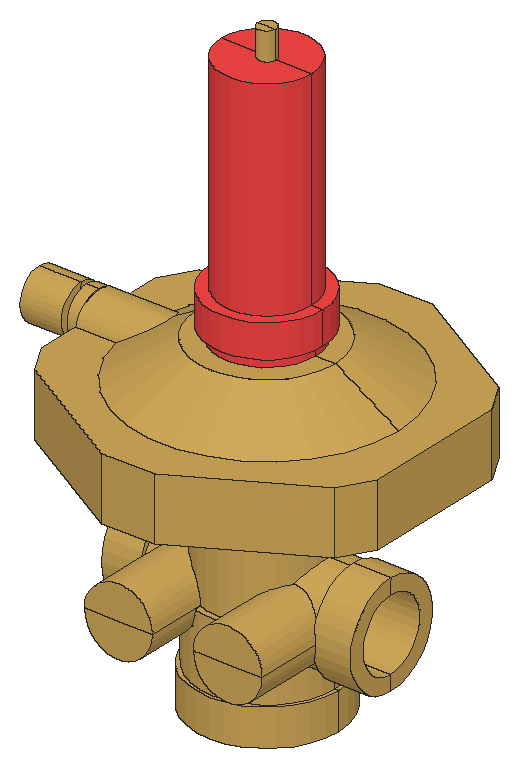
Revit family "Differenzdruckregler 4202 25-60kPa", category Rohrzubehör, Revit 2018
Family settings
  Bemaßung runder Anschluss = Durchmesser verwenden
  Teiletyp = Unterbricht
  OmniClass-Nummer = 23.65.55.14
  OmniClass-Titel = Valves for Liquid Services
  Arbeitsebenenbasiert = Nein
  Immer vertikal = Ja
  Beim Laden mit Abzugskörper schneiden = Nein
  Gemeinsam genutzt = Nein
Parameters (values of type "Ohne Dämmung")
  y2 [instance] = K14 + K9 + H01  # 49.149 mm
  y1 [instance] = (R03 * 2) + R05  # 66.000 mm
  PN = 25  # constant formula
  Min. Betriebstemperatur (Frostschutz) = -20 °C  # constant formula
  Max. zulässige Betriebstemperatur bis DN32 = 130 °C  # constant formula
  Max. zulässige Betriebstemperatur DN40 - DN50 = 110 °C  # constant formula
  Max. Differenzdruck am Gehäuse = 400000.0 Pa  # constant formula
  Max. Betriebsdruck = 2500000.0 Pa  # constant formula
  Ventilschaft = "Edelstahl 14301"  # constant formula
  URL = "www.herz-armaturen.at"
  SCRNSEQ = "ARM;ARM_TYP=\"DIFR\";2"
  SCRNCODE = "05;03;4"  # constant formula
  S06 [instance] = 1.000 mm  # constant formula
  S05 [instance] = S01 - 1.000 mm  # 16.250 mm
  S04 [instance] = S02 - 1.000 mm  # 18.000 mm
  S03 [instance] = size_lookup("4202 25-60kPa", "S03", 26.500 mm, Nennweite)  # 25.600 mm
  S02 [instance] = size_lookup("4202 25-60kPa", "S02", 19.000 mm, Nennweite)  # 19.000 mm
  S01 [instance] = size_lookup("4202 25-60kPa", "S01", 17.250 mm, Nennweite)  # 17.250 mm
  Regleranschlussmutter = "Messing CW614N"  # constant formula
  Regelbereich = "25 - 60kPa"  # constant formula
  R06 [instance] = size_lookup("4202 25-60kPa", "R06", 14.500 mm, Nennweite)  # 14.500 mm
  R05 [instance] = size_lookup("4202 25-60kPa", "R05", 46.000 mm, Nennweite)  # 46.000 mm
  R04 [instance] = size_lookup("4202 25-60kPa", "R04", 12.500 mm, Nennweite)  # 12.500 mm
  R03 [instance] = size_lookup("4202 25-60kPa", "R03", 10.000 mm, Nennweite)  # 10.000 mm
  R02 = 14.500 mm  # constant formula
  R01 [instance] = size_lookup("4202 25-60kPa", "R01", 12.500 mm, Nennweite)  # 12.500 mm
  Min. Betriebstemperatur (reines Wasser) = 2 °C  # constant formula
  O-Ringe = "EPDM"  # constant formula
  Nennweite [instance] = 15.000 mm
  Membrangehäuse = "Messing CW602N"  # constant formula
  Membrane = "EPDM"  # constant formula
  Medium = "Wasserbeschaffenheit nach ÖNORM H 5195 und VDI 2035\r\nDie Verwendung von Ethylen- und Propylenglykol ist im\r\nMischungsverhältnis 25 - 50 Vol.-% zulässig."
  L2 [instance] = size_lookup("4202 25-60kPa", "L2", 161.000 mm, Nennweite)  # 161.000 mm
  L [instance] = size_lookup("4202 25-60kPa", "L", 66.000 mm, Nennweite)  # 66.000 mm
  K9 = 4.000 mm  # constant formula
  K8 = 55.000 mm  # constant formula
  K7 = 8.700 mm  # constant formula
  K6 = 11.700 mm  # constant formula
  K5 = 13.000 mm  # constant formula
  K4 = 12.000 mm  # constant formula
  K3 = 15.000 mm  # constant formula
  K2 = 2.350 mm  # constant formula
  K18 = 89.000 mm  # constant formula
  K17 = 66.700 mm  # constant formula
  K16 = 3.000 mm  # constant formula
  K15 = 26.649 mm  # constant formula
  K14 = 16.649 mm  # constant formula
  K13 = 16.649 mm  # constant formula
  K12 = 10.000 mm  # constant formula
  K11 = 35.000 mm  # constant formula
  K10 = 18.250 mm  # constant formula
  K1.1 = 2.350 mm  # constant formula
  K1 = 7.651 mm  # constant formula
  J9 = 15.700 mm  # constant formula
  J8 = 7.850 mm  # constant formula
  J7 = 15.897 mm  # constant formula
  J6 = 3.900 mm  # constant formula
  J5 = 6.500 mm  # constant formula
  J4 = 1.500 mm  # constant formula
  J3 = 3.200 mm  # constant formula
  J2 = 11.000 mm  # constant formula
  J11 = 3.500 mm  # constant formula
  J10 = 18.897 mm  # constant formula
  J1 = 6.500 mm  # constant formula
  Hersteller = "HERZ-Armaturen Ges.m.b.H"  # constant formula
  H2 [instance] = size_lookup("4202 25-60kPa", "H2", 28.000 mm, Nennweite)  # 28.000 mm
  H1 [instance] = K1 + K2 + K3 + K4 + K5 + K7 + K8 + K16 + 16.650 mm  # 133.351 mm
  H04 = 4.000 mm  # constant formula
  H03 = 9.800 mm  # constant formula
  H02 [instance] = size_lookup("4202 25-60kPa", "H02", 53.000 mm, Nennweite)  # 53.000 mm
  H01 [instance] = size_lookup("4202 25-60kPa", "H01", 25.000 mm, Nennweite)  # 28.500 mm
  Gehäuse = "DZR Messing CC770S"  # constant formula
  G03 [instance] = size_lookup("4202 25-60kPa", "G03", 13.200 mm, Nennweite)  # 13.200 mm
  G02 [instance] = size_lookup("4202 25-60kPa", "G02", 9.500 mm, Nennweite)  # 9.500 mm
  G01 [instance] = size_lookup("4202 25-60kPa", "G01", 13.500 mm, Nennweite)  # 13.500 mm
  Einstellspindel = "Messing CW614N"  # constant formula
  Hinweise zum Material = "Gemäß Art 33 der REACH-Verordnung (EG Nr. 1907/2006) sind wir verpflichtet, darauf hinzuweisen,\r\ndass der Stoff Blei auf der SVHC-Liste geführt wird und dass alle aus Messing bestehenden Bauteile,\r\ndie in unseren Erzeugnissen verarbeitet sind, mehr als 0,1 % (w/w) Blei (CAS: 7439-92-1 / EINECS:\r\n231-100-4) enthalten. Da Blei als Legierungsbestandteil fest gebunden ist, sind keine Expositionen zu\r\nerwarten und daher sind keine zusätzlichen Angaben zur sicheren Verwendung notwendig.\r\n\r\nIm Hanf enthaltenes Ammoniak schädigt\r\nMessingventilgehäuse, EPDM Dichtungen werden durch\r\nMineralöle bzw. mineralölhaltige Schmierstoffe aufgequollen\r\nund führen somit zum Ausfall der EPDM-Dichtungen. Für\r\nFrost- und Korrosionsschutzmittel auf der Basis von Ethylen- und Propylenglykol sind die entsprechenden\r\nAngaben den Unterlagen des Herstellers zu entnehmen."
  Dämmung = no
  Dämmschale = "EPP (expandiertes Polypropylen)"  # constant formula
  Druckfeder = "Federstahl 14310 NS"  # constant formula
  DN50 [instance] = Nennweite = 50.000 mm  # no
  DN40 [instance] = Nennweite = 40.000 mm  # no
  DN32-40 [instance] = or(Nennweite = 32.000 mm, Nennweite = 40.000 mm)  # no
  DN32 [instance] = Nennweite = 32.000 mm  # no
  DN25,32,40 [instance] = or(Nennweite = 25.000 mm, Nennweite = 32.000 mm, Nennweite = 40.000 mm)  # no
  DN25 [instance] = Nennweite = 25.000 mm  # no
  DN20 [instance] = Nennweite = 20.000 mm  # no
  DN15-25 [instance] = or(Nennweite = 15.000 mm, Nennweite = 20.000 mm, Nennweite = 25.000 mm)  # yes
  DN15,20,50 [instance] = or(Nennweite = 15.000 mm, Nennweite = 20.000 mm, Nennweite = 50.000 mm)  # yes
  DN15 [instance] = Nennweite = 15.000 mm  # yes
  D07 [instance] = if(Nennweite = 15.000 mm, 32.500 mm, if(Nennweite = 20.000 mm, 33.500 mm, if(Nennweite = 25.000 mm, 33.500 mm, if(Nennweite = 32.000 mm, 49.500 mm, if(Nennweite = 40.000 mm, 59.500 mm, if(Nennweite = 50.000 mm, 59.500 mm, 0.000 mm))))))  # 32.500 mm
  D06 [instance] = if(Nennweite = 15.000 mm, 32.500 mm, if(Nennweite = 20.000 mm, 33.500 mm, if(Nennweite = 25.000 mm, 33.500 mm, if(Nennweite = 32.000 mm, 49.500 mm, if(Nennweite = 40.000 mm, 59.500 mm, if(Nennweite = 50.000 mm, 59.500 mm, 0.000 mm))))))  # 32.500 mm
  D05 [instance] = if(Nennweite = 15.000 mm, 36.750 mm, if(Nennweite = 20.000 mm, 40.700 mm, if(Nennweite = 25.000 mm, 49.200 mm, if(Nennweite = 32.000 mm, 54.150 mm, if(Nennweite = 40.000 mm, 60.750 mm, if(Nennweite = 50.000 mm, 72.700 mm, 0.000 mm))))))  # 36.750 mm
  D04 [instance] = if(Nennweite = 15.000 mm, 78.500 mm, if(Nennweite = 20.000 mm, 82.000 mm, if(Nennweite = 25.000 mm, 84.000 mm, if(Nennweite = 32.000 mm, 120.000 mm, if(Nennweite = 40.000 mm, 130.000 mm, if(Nennweite = 50.000 mm, 130.500 mm, 0.000 mm))))))  # 78.500 mm
  D03 [instance] = if(Nennweite = 15.000 mm, 96.000 mm, if(Nennweite = 20.000 mm, 110.000 mm, if(Nennweite = 25.000 mm, 112.000 mm, if(Nennweite = 32.000 mm, 152.000 mm, if(Nennweite = 40.000 mm, 170.000 mm, if(Nennweite = 50.000 mm, 179.000 mm, 0.000 mm))))))  # 96.000 mm
  D02 [instance] = size_lookup("4202 25-60kPa", "R05", 41.000 mm, Nennweite)  # 46.000 mm
  D01 [instance] = size_lookup("4202 25-60kPa", "G01", 13.220 mm, Nennweite)  # 13.500 mm
  Bestellnummer Dämmung [instance] = if(and(Dämmung, Nennweite = 15.000 mm), 1409611, if(and(Dämmung, Nennweite = 20.000 mm), 1409612, if(and(Dämmung, Nennweite = 25.000 mm), 1409613, if(and(Dämmung, Nennweite = 32.000 mm), 1409614, if(and(Dämmung, Nennweite = 40.000 mm), 1409615, if(and(Dämmung, Nennweite = 50.000 mm), 1409616, 0))))))  # 0
  Bestellnummer [instance] = if(Nennweite = 15.000 mm, 1420261, if(Nennweite = 20.000 mm, 1420262, if(Nennweite = 25.000 mm, 1420263, if(Nennweite = 32.000 mm, 1420264, if(Nennweite = 40.000 mm, 1420265, if(Nennweite = 50.000 mm, 1420266, 0))))))  # 1420261
  B2 [instance] = size_lookup("4202 25-60kPa", "B2", 31.000 mm, Nennweite)  # 31.000 mm
  B1 [instance] = size_lookup("4202 25-60kPa", "B1", 26.000 mm, Nennweite)  # 26.000 mm
  B04 = 100.649 mm  # constant formula
  B03 = 44.500 mm  # constant formula
  B02 = 104.688 mm  # constant formula
  B01 = 10.000 mm  # constant formula
  Anzeigehülse = "Kunststoff (Rot)"  # constant formula
  Anwendungsgebiet = "Der Differenzdruckregler ist ein Regler mit linearer Kennlinie in Geradsitzausführung und arbeitet ohne\r\nHilfsenergie. Der gewünschte Differenzdruck-Sollwert kann zwischen 5 und 30 kPa; 25 und 60 kPa bzw.\r\n45 und 80 kPa stufenlos eingestellt werden. Der eingestellte Wert ist mit Hilfe des Einstelldiagrammes\r\nablesbar. Werksseitig ist der Sollwert auf Minimum eingestellt. Der erforderliche Sollwert wird mit dem\r\nEinstellwerkzeug (1 4006 02) eingestellt. Im Lieferumfang enthalten ist die Impulsleitung (1000 mm),\r\ndiese ist im Vorlauf einzubinden."
  Anschlussnippel = "Messing CW602N"  # constant formula
Types (2, lengths in mm): name | Dämmung | Bestellnummer Dämmung
  Ohne Dämmung | no | 0
  Mit Dämmung | yes | 1409611
Reference planes
  plane 1 "Mitte (Vorne/hinten)": y = 0
  plane 2: z = 0
  plane 3 "Mitte (Links/rechts)": x = 0
Forms (mm)
  Revolve 1, solid, material "Messing, weicher Gelbton, geschweißt", detail levels fine
    sketch origin (0, 0, 0) x (1, 0, 0) y (0, 0, 1)
      loop
        line (-19.8, 0) -> (19.8, 0) -> (19.8, 9.5) -> (33, 9.5) -> (33, 13.5) -> (23, 13.5) -> (23, 12.5) -> (-23, 12.5) -> (-23, 13.5) -> (-33, 13.5) -> (-33, 9.5) -> (-19.8, 9.5) -> (-19.8, 0)
      axis (-33, 0) -> (33, 0)
    angle from 0 to 360
  Revolve 2, solid, material "Messing, weicher Gelbton, geschweißt", detail levels fine
    sketch origin (0, 0, 0) x (1, 0, 0) y (0, 0, 1)
      loop
        line (0, -28) -> (0, 0) -> (-18, 0) -> (-18, -18.2) -> (-19, -18.2) -> (-19, -28) -> (0, -28)
      axis (0, 0) -> (0, -28)
    angle from 0 to 360
  Extrusion 3, solid, material "Messing, weicher Gelbton, geschweißt", detail levels fine
    sketch origin (0, 0, 0) x (0, -1, 0) y (1, 0, 0)
      loop
        line (-46, -7.038) -> (-27.114, -39.75) -> (-18.886, -44.5) -> (18.886, -44.5) -> (27.114, -39.75) -> (46, -7.038) -> (46, 7.038) -> (27.114, 39.75) -> (18.886, 44.5) -> (-18.886, 44.5) -> (-27.114, 39.75) -> (-46, 7.038) -> (-46, -7.038)
    from 32.5 to 49.149
  Revolve 4, solid, material "Messing, weicher Gelbton, geschweißt", detail levels fine
    sketch origin (0, 0, -7.051) x (1, 0, 0) y (0, 0, 1)
      loop
        line (0, 56.2) -> (0, 66.2) -> (-18.25, 66.2) -> (-35, 56.2) -> (0, 56.2)
      axis (0, 66.2) -> (0, 56.2)
    angle from 0 to 360
  Revolve 5, solid, material "Messing, weicher Gelbton, geschweißt", visible <- "DN15-25", detail levels fine
    sketch origin (-11, 0, 0) x (1, 0, 0) y (0, 1, 0)
      loop
        line (-1.5, 26) -> (-9.2, 26) -> (-9.2, 0) -> (-1.5, 0) -> (-1.5, 26)
      axis (-1.5, 0) -> (-1.5, 26)
    angle from 0 to 360
  Revolve 6, solid, material "Messing, weicher Gelbton, geschweißt", visible <- "DN15,20,50", detail levels fine
    sketch origin (-0.988, 0, -6.853) x (-1, 0, 0) y (0, 0, 1)
      loop
        line (43.5, 55.25) -> (59.2, 55.25) -> (59.2, 61.75) -> (48.2, 61.75) -> (48.2, 59.15) -> (46.7, 59.15) -> (46.7, 61.75) -> (43.5, 61.75) -> (43.5, 55.25)
      axis (43.5, 55.25) -> (59.2, 55.25)
    angle from 0 to 360
  Extrusion 7, solid, material "Messing, weicher Gelbton, geschweißt", visible <- "DN15,20,50", detail levels fine
    sketch origin (0, 0, 0) x (0, 1, 0) y (0, 0, -1)
      loop
        line (7.85, -47.047) -> (7.85, -36) -> (-7.85, -36) -> (-7.85, -47.047)
        arc (-7.85, -47.047) -> (0, -54.897) -> (7.85, -47.047) r 7.85
    from 0 to 44.5
  Revolve 8, solid, material "Kunsstoff rot", detail levels fine
    sketch origin (0, 0, 0) x (1, 0, 0) y (0, 0, 1)
      loop
        line (-12, 125.849) -> (-12, 70.849) -> (-15, 70.849) -> (-15, 62.149) -> (-13, 62.149) -> (-13, 59.149) -> (0, 59.149) -> (0, 125.849) -> (-12, 125.849)
      axis (0, 125.849) -> (0, 59.149)
    angle from 0 to 360
  Revolve 9, solid, material "Messing, weicher Gelbton, geschweißt", visible <- "DN15-25", detail levels fine
    sketch origin (-2, 0, 0) x (1, 0, 0) y (0, 1, 0)
      loop
        line (-12.5, 0) -> (-21.5, 0) -> (-21.5, -31) -> (-12.5, -31) -> (-12.5, 0)
      axis (-12.5, 0) -> (-12.5, -31)
    angle from 0 to 360
  Revolve 10, solid, material "Messing, weicher Gelbton, geschweißt", visible <- "DN15-25", detail levels fine
    sketch origin (2, 0, 0) x (1, 0, 0) y (0, 1, 0)
      loop
        line (12.5, 0) -> (12.5, -31) -> (21.6, -31) -> (21.6, 0) -> (12.5, 0)
      axis (12.5, 0) -> (12.5, -31)
    angle from 0 to 360
  Extrusion 11, solid, material "Messing, weicher Gelbton, geschweißt", visible <- "DN32", detail levels fine
    sketch origin (-31.5, 0, 0) x (1, 0, 0) y (0, 1, 0)
      loop
        circle (63, 0) r 6.578
      loop
        circle (63, 0) r 3.28
    from -47 to 0
  Extrusion 12, solid, material "Messing, weicher Gelbton, geschweißt", visible <- "DN32", detail levels fine
    sketch origin (31.5, 0, 0) x (-1, 0, 0) y (0, -1, 0)
      loop
        circle (63, 0) r 6.578
      loop
        circle (63, 0) r 3.28
    from -47 to 0
  Revolve 13, solid, material "Messing, weicher Gelbton, geschweißt", detail levels fine
    sketch origin (0, 0, 0) x (1, 0, 0) y (0, 0, 1)
      loop
        line (-16.25, 0) -> (0, 0) -> (0, 32.5) -> (-12.25, 32.5) -> (-12.25, 28.5) -> (-17.25, 28.5) -> (-17.25, 18.7) -> (-16.25, 18.7) -> (-16.25, 0)
      axis (0, 32.5) -> (0, 0)
    angle from 0 to 360
  Extrusion 14, solid, material "Messing, weicher Gelbton, geschweißt", visible <- "DN40", detail levels fine
    sketch origin (29.382, 0, 0) x (-1, 0, 0) y (0, -1, 0)
      loop
        circle (63, 0) r 6.578
      loop
        circle (63, 0) r 3.28
    from -58 to 0
  Extrusion 15, solid, material "Messing, weicher Gelbton, geschweißt", visible <- "DN40", detail levels fine
    sketch origin (-29.455, 0, 0) x (1, 0, 0) y (0, 1, 0)
      loop
        circle (63, 0) r 6.578
      loop
        circle (63, 0) r 3.28
    from -58 to 0
  Extrusion 16, solid, material "Messing, weicher Gelbton, geschweißt", visible <- "DN50", detail levels fine
    sketch origin (28.422, 0, 0) x (-1, 0, 0) y (0, -1, 0)
      loop
        circle (63, 0) r 6.578
      loop
        circle (63, 0) r 3.28
    from -58 to 0
  Extrusion 17, solid, material "Messing, weicher Gelbton, geschweißt", visible <- "DN50", detail levels fine
    sketch origin (-28.422, 0, 0) x (1, 0, 0) y (0, 1, 0)
      loop
        circle (63, 0) r 6.578
      loop
        circle (63, 0) r 3.28
    from -58 to 0
  Revolve 18, solid, material "Messing, weicher Gelbton, geschweißt", detail levels fine
    sketch origin (0, 0, 0) x (1, 0, 0) y (0, 0, 1)
      loop
        line (-2.35, 125.349) -> (0, 125.349) -> (0, 133) -> (-2.35, 133) -> (-2.35, 125.349)
      axis (0, 133) -> (0, 125.349)
    angle from 0 to 360
  Revolve 19, solid, material "Messing, weicher Gelbton, geschweißt", visible <- "DN32-40", detail levels fine
    sketch origin (-11, 0, 0) x (1, 0, 0) y (0, 1, 0)
      loop
        line (-1.5, -26) -> (-1.5, 0) -> (-9.2, 0) -> (-9.2, -26) -> (-1.5, -26)
      axis (-1.5, 0) -> (-1.5, -26)
    angle from 0 to 360
  Revolve 20, solid, material "Messing, weicher Gelbton, geschweißt", visible <- "DN25,32,40", detail levels fine
    sketch origin (0.988, 0, 20.147) x (1, 0, 0) y (0, 0, 1)
      loop
        line (43.5, 28.25) -> (59.2, 28.25) -> (59.2, 34.75) -> (48.2, 34.75) -> (48.2, 32.15) -> (46.7, 32.15) -> (46.7, 34.75) -> (43.5, 34.75) -> (43.5, 28.25)
      axis (43.5, 28.25) -> (59.2, 28.25)
    angle from 0 to 360
  Extrusion 21, solid, material "Messing, weicher Gelbton, geschweißt", visible <- "DN25", detail levels fine
    sketch origin (0, 0, 0) x (0, 1, 0) y (0, 0, 1)
      loop
        arc (7.85, 48.047) -> (0, 55.897) -> (-7.85, 48.047) r 7.85
        line (-7.85, 48.047) -> (-7.85, 37) -> (7.85, 37) -> (7.85, 48.047)
    from 0 to 44.5
  Extrusion 22, solid, material "Messing, weicher Gelbton, geschweißt", visible <- "DN32", detail levels fine
    sketch origin (0, 0, 0) x (0, 1, 0) y (0, 0, 1)
      loop
        arc (7.85, 64.047) -> (0, 71.897) -> (-7.85, 64.047) r 7.85
        line (-7.85, 64.047) -> (-7.85, 53) -> (7.85, 53) -> (7.85, 64.047)
    from 0 to 44.5
  Extrusion 23, solid, material "Messing, weicher Gelbton, geschweißt", visible <- "DN40", detail levels fine
    sketch origin (0, 0, 0) x (0, 1, 0) y (0, 0, 1)
      loop
        arc (7.85, 74.047) -> (0, 81.897) -> (-7.85, 74.047) r 7.85
        line (-7.85, 74.047) -> (-7.85, 63) -> (7.85, 63) -> (7.85, 74.047)
    from 0 to 44.5
  Revolve 24, solid, material "Kunststoff-Anthrazig/Schwarz", visible <- "Dämmung"
    sketch origin (0, 0, 0) x (1, 0, 0) y (0, 0, 1)
      loop
        line (0, -46) -> (36.75, -46) -> (36.75, 32.5) -> (0, 32.5) -> (0, -46)
      axis (0, 32.5) -> (0, -46)
    angle from 0 to 360
  Revolve 25, solid, material "Kunststoff-Anthrazig/Schwarz", visible <- "Dämmung"
    sketch origin (0, 0, 0) x (1, 0, 0) y (0, 0, 1)
      loop
        line (48, 32.5) -> (-48, 32.5) -> (-48, 13.5) -> (-23, 13.5) -> (-23, 0) -> (0, 0) -> (23, 0) -> (23, 13.5) -> (48, 13.5) -> (48, 32.5)
      axis (-48, 0) -> (48, 0)
    angle from 0 to 360
Lines and regions (mm)
  model lines, detail levels coarse+medium
    curve 1: line (33, -13.5, 0) -> (33, 13.5, 0)
    curve 2: line (33, 13.5, 0) -> (-33, -13.5, 0)
    curve 3: line (-33, -13.5, 0) -> (-33, 13.5, 0)
    curve 4: line (-33, 13.5, 0) -> (33, -13.5, 0)
    curve 5: spline (-44.5, -40.824, 0) -> (-42.984, -38.67, 0) -> (-38.538, -36.662, 0) -> (-31.466, -34.938, 0) -> (-22.25, -33.615, 0) -> (-11.517, -32.784, 0) -> (0, -32.5, 0) -> (11.517, -32.784, 0) -> (22.25, -33.615, 0) -> (31.466, -34.938, 0) -> (38.538, -36.662, 0) -> (42.984, -38.67, 0) -> (44.5, -40.825, 0) -> (42.984, -42.979, 0) -> (38.538, -44.987, 0) -> (31.466, -46.711, 0) -> (22.25, -48.034, 0) -> (11.517, -48.865, 0) -> (0, -49.149, 0) -> (-11.517, -48.865, 0) -> (-22.25, -48.034, 0) -> (-31.466, -46.711, 0) -> (-38.538, -44.987, 0) -> (-42.984, -42.979, 0) -> (-44.5, -40.824, 0)
    curve 6: line (-33, 0, 13.5) -> (-33, 0, -13.5)
    curve 7: line (-33, 0, -13.5) -> (33, 0, 13.5)
    curve 8: line (33, 0, 13.5) -> (33, 0, -13.5)
    curve 9: line (33, 0, -13.5) -> (-33, 0, 13.5)
    curve 10: line (0, 0, 13.5) -> (0, 0, 32.5)
    curve 11: spline (-44.5, 0, 40.825) -> (-42.984, 0, 42.979) -> (-38.538, 0, 44.987) -> (-31.466, 0, 46.711) -> (-22.25, 0, 48.034) -> (-11.517, 0, 48.865) -> (0, 0, 49.149) -> (11.517, 0, 48.865) -> (22.25, 0, 48.034) -> (31.466, 0, 46.711) -> (38.538, 0, 44.987) -> (42.984, 0, 42.979) -> (44.5, 0, 40.824) -> (42.984, 0, 38.67) -> (38.538, 0, 36.662) -> (31.466, 0, 34.938) -> (22.25, 0, 33.615) -> (11.517, 0, 32.784) -> (0, 0, 32.5) -> (-11.517, 0, 32.784) -> (-22.25, 0, 33.615) -> (-31.466, 0, 34.938) -> (-38.538, 0, 36.662) -> (-42.984, 0, 38.67) -> (-44.5, 0, 40.825)
    curve 12: line (0, 0, 13.5) -> (16.5, 0, 6.75)
    curve 13: line (0, 0, 13.5) -> (-16.5, 0, 6.75)
    curve 14: line (33, 0, 0) -> (63, 0, 0)
    curve 15: line (-33, 0, 0) -> (-63, 0, 0)
    curve 16: line (0, -19, 0) -> (-16.5, -6.75, 0)
    curve 17: line (0, -19, 0) -> (16.5, -6.75, 0)
  model lines
    curve 18: line (0, -19, 0) -> (0, -32.5, 0)
Dimensions and locks
  "G01": Revolve 1 sketch curve to Revolve 1 sketch curve  (x2)
  "R01": Revolve 1 sketch curve to Revolve 1 sketch curve
  "R03": Revolve 1 sketch curve to Revolve 1 sketch curve  (x2)
  "K10": Revolve 4 sketch curve to Revolve 4 sketch curve
  "K11": Revolve 4 sketch curve to Revolve 4 sketch curve
  "B1": Revolve 5 sketch curve to Revolve 5 sketch curve
  "J1": Revolve 6 sketch curve to Revolve 6 sketch curve
  "J3": Revolve 6 sketch curve to Revolve 6 sketch curve
  "J4": Revolve 6 sketch curve to Revolve 6 sketch curve
  "J2": Revolve 6 sketch curve to Revolve 6 sketch curve
  "J5": Revolve 6 sketch curve to Revolve 6 sketch curve
  "J6": Revolve 6 sketch curve to Revolve 6 sketch curve
  "H2": plane 2 to Revolve 2 sketch curve
  "H03": Revolve 2 sketch curve to Revolve 2 sketch curve
  "S02": plane 3 "Mitte (Links/rechts)" to Revolve 2 sketch curve
  "B02": Revolve 6 to Extrusion 3
  "B03": Extrusion 3 to plane 3 "Mitte (Links/rechts)"
  "R04": Revolve 5 sketch curve to plane 3 "Mitte (Links/rechts)"
  "K4": Revolve 8 sketch curve to Revolve 8 sketch curve
  "K3": Revolve 8 sketch curve to Revolve 8 sketch curve
  "K7": Revolve 8 sketch curve to Revolve 8 sketch curve
  "K5": Revolve 8 sketch curve to Revolve 8 sketch curve
  "K8": Revolve 8 sketch curve to Revolve 8 sketch curve
  "K12": Revolve 4 sketch curve to Revolve 4 sketch curve
  "K13": Revolve 4 sketch curve to Extrusion 3
  "K14": Extrusion 3 to Extrusion 3
  "K16": Revolve 8 sketch curve to Revolve 8 sketch curve
  "K15": Revolve 8 to Extrusion 3
  "R05": Revolve 1 sketch curve to Revolve 1 sketch curve
  equal spacing: Revolve 1 sketch curve, plane 3 "Mitte (Links/rechts)", Revolve 1 sketch curve
  "B2": plane 1 "Mitte (Vorne/hinten)" to Revolve 9 sketch curve
  "B2": Revolve 10 sketch curve to plane 1 "Mitte (Vorne/hinten)"
  "R06": Revolve 9 sketch curve to plane 3 "Mitte (Links/rechts)"
  "R06": plane 3 "Mitte (Links/rechts)" to Revolve 10 sketch curve
  "S01": Revolve 13 sketch curve to plane 3 "Mitte (Links/rechts)"
  "S05": plane 3 "Mitte (Links/rechts)" to Revolve 13 sketch curve
  "H04": Revolve 13 sketch curve to Revolve 13 sketch curve
  "H03": Revolve 13 sketch curve to Revolve 13 sketch curve
  "H01": Revolve 13 sketch curve to plane 2
  "K9": Extrusion 3 to Revolve 13
  "S06": Revolve 2 sketch curve to Revolve 2 sketch curve
  "J7": Revolve 6 sketch curve to Extrusion 3
  "J9": Extrusion 7 sketch curve to Extrusion 7 sketch curve
  "J10": Revolve 6 to Extrusion 7 sketch curve
  "J11": Extrusion 7 sketch curve to Extrusion 3
  equal spacing: curve 6, curve 5, curve 8
  "K18": Extrusion 3 to Extrusion 3
  "G01": curve 9 to plane 2
  "G01": plane 2 to curve 7
  "G01": curve 8 to plane 2
  "G01": plane 2 to curve 9
  "K18": curve 11 to curve 11
  "G01": curve 13 to plane 2
  "K14": curve 11 to curve 11
  "y2": curve 11 to plane 2
  "G01": plane 1 "Mitte (Vorne/hinten)" to curve 4
  "G01": curve 3 to plane 1 "Mitte (Vorne/hinten)"
  equal spacing: curve 3, curve 11, curve 1
  equal spacing: curve 3, curve 17, curve 1
  "y1": curve 3 to curve 1
  "G01": plane 1 "Mitte (Vorne/hinten)" to curve 2
  "G01": curve 4 to plane 1 "Mitte (Vorne/hinten)"
  "K18": curve 5 to curve 5
  "K14": curve 5 to curve 5
  "y2": curve 5 to plane 1 "Mitte (Vorne/hinten)"
  "K1.1": plane 3 "Mitte (Links/rechts)" to Revolve 18 sketch curve
  "B1": Revolve 19 sketch curve to Revolve 19 sketch curve
  "R04": Revolve 19 sketch curve to plane 3 "Mitte (Links/rechts)"
  "G02": Revolve 1 sketch curve to plane 2  (x2)
  "G03": Revolve 1 sketch curve to Revolve 1 sketch curve  (x2)
  Revolve 1 sketch curve to Revolve 1 sketch curve = 66.000 mm
  Revolve 1 to Revolve 1 = 66.000 mm
  "L2": Revolve 18 to Revolve 2
  "J1": Revolve 20 sketch curve to Revolve 20 sketch curve
  "J3": Revolve 20 sketch curve to Revolve 20 sketch curve
  "J4": Revolve 20 sketch curve to Revolve 20 sketch curve
  "J2": Revolve 20 sketch curve to Revolve 20 sketch curve
  "J5": Revolve 20 sketch curve to Revolve 20 sketch curve
  "J6": Revolve 20 sketch curve to Revolve 20 sketch curve
  "J7": Revolve 20 sketch curve to Extrusion 3
  "J9": Extrusion 21 sketch curve to Extrusion 21 sketch curve
  "J9": Extrusion 22 sketch curve to Extrusion 22 sketch curve
  "J9": Extrusion 23 sketch curve to Extrusion 23 sketch curve
  "L": curve 6 to curve 8
  equal spacing: Revolve 1, curve 13, plane 3 "Mitte (Links/rechts)"
  equal spacing: plane 3 "Mitte (Links/rechts)", curve 12, Revolve 1
  equal spacing: curve 3, curve 16, plane 3 "Mitte (Links/rechts)"
  equal spacing: plane 3 "Mitte (Links/rechts)", curve 17, curve 1
  "D04": Revolve 24 sketch curve to Revolve 24 sketch curve
  "D05": Revolve 24 sketch curve to Revolve 24 sketch curve
  "D06": Revolve 24 sketch curve to plane 2
  "D07": Revolve 25 sketch curve to plane 2
  "D01": Revolve 25 sketch curve to plane 2  (x2)
  "D03": Revolve 25 sketch curve to Revolve 25 sketch curve
  Revolve 25 sketch curve to Revolve 25 sketch curve = 46.000 mm
  "D02": Revolve 25 sketch curve to Revolve 25 sketch curve
  equal spacing: Revolve 25 sketch curve, plane 3 "Mitte (Links/rechts)", Revolve 25 sketch curve  (x2)
  "J8": radius of Extrusion 7 sketch curve
  "J8": radius of Extrusion 21 sketch curve
  "J8": radius of Extrusion 22 sketch curve
  "J8": radius of Extrusion 23 sketch curve
  aligned and locked: level to plane 2
Automatic sketch dimensions
  plane 3 "Mitte (Links/rechts)" to Extrusion 3 sketch curve = 7.038 mm  (x2)
  Extrusion 3 sketch curve to plane 1 "Mitte (Vorne/hinten)" = 46.000 mm
  Extrusion 3 sketch curve to plane 1 "Mitte (Vorne/hinten)" = 27.114 mm  (x2)
  Extrusion 3 sketch curve to Extrusion 3 sketch curve = 8.227 mm  (x4)
  plane 1 "Mitte (Vorne/hinten)" to Extrusion 3 sketch curve = 18.886 mm  (x2)
  Extrusion 3 sketch curve to Extrusion 3 sketch curve = 18.886 mm
  Extrusion 3 sketch curve to plane 3 "Mitte (Links/rechts)" = 7.038 mm  (x2)
  Extrusion 3 sketch curve to Extrusion 3 sketch curve = 32.712 mm  (x4)
  Extrusion 3 sketch curve to Extrusion 3 sketch curve = 4.750 mm  (x2)
  Extrusion 11 sketch curve to Extrusion 11 sketch curve = 0.000 mm  (x2)
  plane 1 "Mitte (Vorne/hinten)" to Extrusion 11 sketch curve = 0.000 mm
  plane 3 "Mitte (Links/rechts)" to Extrusion 11 sketch curve = 31.500 mm
  Extrusion 12 sketch curve to Extrusion 12 sketch curve = 0.000 mm  (x2)
  plane 1 "Mitte (Vorne/hinten)" to Extrusion 12 sketch curve = 0.000 mm
  plane 3 "Mitte (Links/rechts)" to Extrusion 12 sketch curve = 31.500 mm
  Extrusion 14 sketch curve to Extrusion 14 sketch curve = 0.000 mm  (x2)
  plane 1 "Mitte (Vorne/hinten)" to Extrusion 14 sketch curve = 0.000 mm
  plane 3 "Mitte (Links/rechts)" to Extrusion 14 sketch curve = 33.618 mm
  Extrusion 15 sketch curve to Extrusion 15 sketch curve = 0.000 mm  (x2)
  plane 1 "Mitte (Vorne/hinten)" to Extrusion 15 sketch curve = 0.000 mm
  plane 3 "Mitte (Links/rechts)" to Extrusion 15 sketch curve = 33.545 mm
  Extrusion 16 sketch curve to Extrusion 16 sketch curve = 0.000 mm  (x2)
  plane 1 "Mitte (Vorne/hinten)" to Extrusion 16 sketch curve = 0.000 mm
  plane 3 "Mitte (Links/rechts)" to Extrusion 16 sketch curve = 34.578 mm
  Extrusion 17 sketch curve to Extrusion 17 sketch curve = 0.000 mm  (x2)
  plane 1 "Mitte (Vorne/hinten)" to Extrusion 17 sketch curve = 0.000 mm
  plane 3 "Mitte (Links/rechts)" to Extrusion 17 sketch curve = 34.578 mm
  curve 15 to level = 0.000 mm
  curve 10 to plane 3 "Mitte (Links/rechts)" = 0.000 mm
  curve 11 to plane 3 "Mitte (Links/rechts)" = 0.000 mm
  curve 14 to level = 0.000 mm
  curve 15 to curve 15 = 30.000 mm
  curve 14 to curve 14 = 30.000 mm
  curve 18 to plane 3 "Mitte (Links/rechts)" = 0.000 mm
  curve 5 to plane 3 "Mitte (Links/rechts)" = 0.000 mm
  curve 18 to curve 17 = 13.500 mm
  Revolve 1 sketch curve to level = 0.000 mm  (x2)
  Revolve 1 sketch curve to Revolve 1 sketch curve = 1473.530 mm
  Revolve 1 sketch curve to Revolve 1 sketch curve = 1806.148 mm
  Revolve 2 sketch curve to level = 0.000 mm
  Revolve 2 sketch curve to plane 3 "Mitte (Links/rechts)" = 0.000 mm  (x2)
  Revolve 2 sketch curve to Revolve 2 sketch curve = 1.000 mm
  Revolve 2 sketch curve to Revolve 2 sketch curve = 334.045 mm
  level to Revolve 2 sketch curve = 2218.015 mm
  Revolve 4 sketch curve to plane 3 "Mitte (Links/rechts)" = 0.000 mm  (x2)
  Revolve 4 sketch curve to level = 373.096 mm
  Revolve 4 sketch curve to Revolve 4 sketch curve = 2155.315 mm
  plane 1 "Mitte (Vorne/hinten)" to Revolve 5 sketch curve = 0.000 mm  (x2)
  Revolve 5 sketch curve to Revolve 5 sketch curve = 0.000 mm  (x2)
  Revolve 5 sketch curve to Revolve 5 sketch curve = 7.700 mm
  plane 3 "Mitte (Links/rechts)" to Revolve 6 sketch curve = 44.488 mm
  Revolve 6 sketch curve to Revolve 6 sketch curve = 0.000 mm  (x3)
  Extrusion 7 sketch curve to plane 1 "Mitte (Vorne/hinten)" = 0.000 mm
  Extrusion 7 sketch curve to Extrusion 7 sketch curve = 11.047 mm
  Extrusion 7 sketch curve to Extrusion 7 sketch curve = 0.000 mm
  Revolve 8 sketch curve to plane 3 "Mitte (Links/rechts)" = 0.000 mm  (x2)
  level to Revolve 8 sketch curve = 59.149 mm
  Revolve 8 sketch curve to Revolve 8 sketch curve = 0.000 mm  (x2)
  plane 1 "Mitte (Vorne/hinten)" to Revolve 9 sketch curve = 0.000 mm  (x2)
  Revolve 9 sketch curve to Revolve 9 sketch curve = 9.000 mm
  Revolve 9 sketch curve to Revolve 9 sketch curve = 0.000 mm  (x2)
  plane 1 "Mitte (Vorne/hinten)" to Revolve 10 sketch curve = 0.000 mm  (x2)
  Revolve 10 sketch curve to Revolve 10 sketch curve = 9.100 mm
  Revolve 10 sketch curve to Revolve 10 sketch curve = 0.000 mm  (x2)
  Revolve 13 sketch curve to level = 0.000 mm  (x2)
  Revolve 13 sketch curve to plane 3 "Mitte (Links/rechts)" = 0.000 mm  (x2)
  Revolve 13 sketch curve to Revolve 13 sketch curve = 5.000 mm
  Revolve 13 sketch curve to Revolve 13 sketch curve = 0.000 mm
  Revolve 18 sketch curve to plane 3 "Mitte (Links/rechts)" = 0.000 mm  (x2)
  level to Revolve 18 sketch curve = 125.349 mm
  Revolve 18 sketch curve to Revolve 18 sketch curve = 7.651 mm
  Revolve 18 sketch curve to Revolve 18 sketch curve = 0.000 mm  (x2)
  plane 1 "Mitte (Vorne/hinten)" to Revolve 19 sketch curve = 0.000 mm  (x2)
  Revolve 19 sketch curve to Revolve 19 sketch curve = 7.700 mm
  Revolve 19 sketch curve to Revolve 19 sketch curve = 0.000 mm  (x2)
  plane 3 "Mitte (Links/rechts)" to Revolve 20 sketch curve = 44.488 mm
  Revolve 20 sketch curve to Revolve 20 sketch curve = 0.000 mm  (x3)
  Extrusion 21 sketch curve to plane 1 "Mitte (Vorne/hinten)" = 0.000 mm
  level to Extrusion 21 sketch curve = 37.000 mm
  Extrusion 21 sketch curve to Extrusion 21 sketch curve = 11.047 mm
  Extrusion 21 sketch curve to Extrusion 21 sketch curve = 0.000 mm
  Extrusion 22 sketch curve to plane 1 "Mitte (Vorne/hinten)" = 0.000 mm
  level to Extrusion 22 sketch curve = 53.000 mm
  Extrusion 22 sketch curve to Extrusion 22 sketch curve = 11.047 mm
  Extrusion 22 sketch curve to Extrusion 22 sketch curve = 0.000 mm
  Extrusion 23 sketch curve to plane 1 "Mitte (Vorne/hinten)" = 0.000 mm
  level to Extrusion 23 sketch curve = 63.000 mm
  Extrusion 23 sketch curve to Extrusion 23 sketch curve = 11.047 mm
  Extrusion 23 sketch curve to Extrusion 23 sketch curve = 0.000 mm
  Revolve 24 sketch curve to plane 3 "Mitte (Links/rechts)" = 0.000 mm  (x2)
  Revolve 24 sketch curve to Revolve 24 sketch curve = 0.000 mm  (x2)
  Revolve 25 sketch curve to level = 0.000 mm  (x2)
  Revolve 25 sketch curve to plane 3 "Mitte (Links/rechts)" = 0.000 mm
  Revolve 25 sketch curve to Revolve 25 sketch curve = 0.000 mm  (x2)
  radius of Extrusion 11 sketch curve = 6.578 mm
  radius of Extrusion 11 sketch curve = 3.280 mm
  radius of Extrusion 12 sketch curve = 6.578 mm
  radius of Extrusion 12 sketch curve = 3.280 mm
  radius of Extrusion 14 sketch curve = 6.578 mm
  radius of Extrusion 14 sketch curve = 3.280 mm
  radius of Extrusion 15 sketch curve = 6.578 mm
  radius of Extrusion 15 sketch curve = 3.280 mm
  radius of Extrusion 16 sketch curve = 6.578 mm
  radius of Extrusion 16 sketch curve = 3.280 mm
  radius of Extrusion 17 sketch curve = 6.578 mm
  radius of Extrusion 17 sketch curve = 3.280 mm
Nested families
  nested 1: "Herz-Logo-vorne" at (-0.018, 17.815, -12.904) x (0, -1, 0) z (0, 0, 1), type "Herz-Logo-vorne", detail levels fine
  nested 2: "Herz-Logo-vorne" at (-0.018, 24.058, 0) x (0, -1, 0) z (0, 0, 1), visible <- "DN32", type "Herz-Logo-vorne", detail levels fine
  nested 3: "Herz-Logo-vorne" at (-0.018, 33.471, 0) x (0, -1, 0) z (0, 0, 1), visible <- "DN50", type "Herz-Logo-vorne", detail levels fine
  nested 4: "Herz-Logo-vorne" at (-0.018, 26.482, 0) x (0, -1, 0) z (0, 0, 1), visible <- "DN40", type "Herz-Logo-vorne", detail levels fine
Connectors
  piping at (33, 0, 0), diameter 15, driven by "Nennweite"
    settings: on Revolve 1, index 1, connector inside diameter 609.6 mm, connector length 0.000 mm, flow factor 0, pipe flow 0.0 L/s, pressure drop 0.0 Pa, fitting loss kfactor 0, connector angle 0.00°, fixture units 0, engagement length 0.000 mm, angle of deflection 0.00°, flow configuration 0, flow direction 2, fitting loss method 0, system type 29, joint type 0, gender type 0, connector reference index -1, connector utility 0, adjustable connector no, is connector primary yes, connector description ""
  piping at (-33, 0, 0), diameter 15, driven by "Nennweite"
    settings: on Revolve 1, index 2, connector inside diameter 609.6 mm, connector length 0.000 mm, flow factor 0, pipe flow 0.0 L/s, pressure drop 0.0 Pa, fitting loss kfactor 0, connector angle 0.00°, fixture units 0, engagement length 0.000 mm, angle of deflection 0.00°, flow configuration 0, flow direction 1, fitting loss method 0, system type 7, joint type 0, gender type 0, connector reference index -1, connector utility 0, adjustable connector no, is connector primary no, connector description ""
Definition of nested family "Herz-Logo-vorne"
  Reference planes
    plane 1 "Mitte (Vorne/hinten)": y = 0
    plane 2: z = 0
    plane 3 "Mitte (Links/rechts)": x = 0
  Forms (mm)
    Extrusion 1, solid
      sketch origin (0.732, -0.018, 0.017) x (0, -1, 0) y (0, 0, 1)
        loop
          line (-0.018, -4.517) -> (4.482, -4.517) -> (4.482, 4.483) -> (-4.518, 4.483) -> (-4.518, -4.517) -> (-0.018, -4.517)
        loop
          line (-0.05, -3.48) -> (3.482, -3.48) -> (3.482, 3.483) -> (-3.518, 3.483) -> (-3.518, -3.48) -> (-0.05, -3.48)
        loop
          arc (-0.018, 2.383) -> (-1.543, 3.287) -> (-3.067, 2.383) r 1.738
          arc (-3.067, 2.383) -> (-3.191, 1.899) -> (-3.067, 1.415) r 1.009
          line (-3.067, 1.415) -> (-0.018, -3.281) -> (3.032, 1.415)
          arc (3.032, 1.415) -> (3.156, 1.899) -> (3.032, 2.383) r 1.009
          arc (3.032, 2.383) -> (1.507, 3.287) -> (-0.018, 2.383) r 1.738
        loop
          arc (1.885, 1.272) -> (2.005, 1.675) -> (1.885, 2.079) r 0.74
          arc (1.885, 2.079) -> (1.265, 2.416) -> (0.644, 2.079) r 0.74
          line (0.644, 2.079) -> (-0.018, 0.97) -> (-0.679, 2.079)
          arc (-0.679, 2.079) -> (-1.3, 2.416) -> (-1.921, 2.079) r 0.74
          arc (-1.921, 2.079) -> (-2.04, 1.675) -> (-1.921, 1.272) r 0.74
          line (-1.921, 1.272) -> (-0.018, -1.658) -> (1.885, 1.272)
      from 0 to 1.5
  Dimensions and locks
    aligned and locked: level to plane 2
